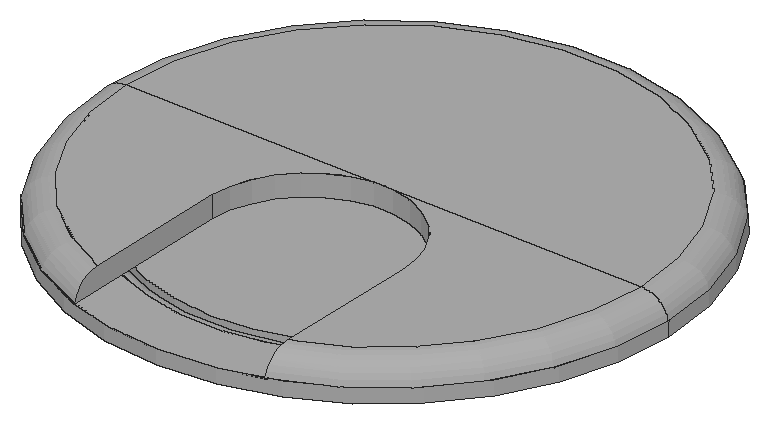
Revit family "Haworth_Masters_Accessories_Grommet", category Furniture Systems, Revit 2018
Family settings
  Round Connector Dimension = Use Diameter
  Part Type = Normal
  OmniClass Number = 23.40.70.14.64
  OmniClass Title = Retail and Commercial Furnishings
  Work Plane-Based = No
  Always vertical = Yes
  Cut with Voids When Loaded = No
  Shared = No
  Room Calculation Point = No
Parameters (values of type "UXAG")
  Warranty = "https://www.haworth.com/resources/product-info/warranties"
  URL - Product = "https://www.haworth.com/products/desks/freestanding/masters-series"
  URL = "www.haworth.com"
  Trim Finish [instance] = Haworth _ Metal _ Chrome
  Radius = 1"  # constant formula
  OmniClass Number = ""
  Model = "UXAG"  # constant formula
  Material Options = ""
  Sustainability Info = "https://www.haworth.com/company-info/sustainability"
  Size = "Verify Final Dim. w/ Haworth"  # constant formula
  Revision Number = "1"  # constant formula
  Manufacturer = "Haworth"  # constant formula
  Description = "Haworth - Masters - Accessory - Grommet"  # constant formula
  Author = "Haworth (Alias)"  # constant formula
  Assembly Code = ""
  Actual Mounting Height [instance] = 29 1/2"
  Actual Height = 5/8"  # constant formula
Reference planes (in)
  plane 1 "Center F/B": y = 5.5
  plane 2: z = 0
  plane 3 "Center L/R": x = 0
  plane 4: z = 29.5
  plane 5: z = 29.55
  plane 6: z = 29.625
  plane 7 "Right": x = 1
  plane 8 "Left": x = -1
  plane 9 "Back": y = 6.5
  plane 10 "Front": y = 4.5
Forms (in)
  Revolve 1, solid, material "Haworth _ Metal _ Chrome" <- "Trim Finish"
    sketch origin (0, 5.5, 0) x (1, 0, 0) y (0, 0, 1)
      loop
        line (-1.00051, 29.5) -> (-0.75957, 29.5)
        arc (-0.75957, 29.5) -> (-0.77422, 29.53535) -> (-0.80957, 29.55) r 0.05
        line (-0.80957, 29.55) -> (-1.00051, 29.55) -> (-1.00051, 29.5)
      axis (0, 29.55) -> (0, 29.5)
    angle from 0 to 360
  Revolve 2, solid, material "Haworth _ Metal _ Chrome" <- "Trim Finish"
    sketch origin (0, 5.5, 0) x (1, 0, 0) y (0, 0, 1)
      loop
        line (-0.99848, 29.55) -> (0, 29.55) -> (0, 29.625) -> (-0.90463, 29.625)
        arc (-0.90463, 29.625) -> (-0.9647, 29.60395) -> (-0.99848, 29.55) r 0.09621
      axis (0, 29.625) -> (0, 29.55)
    angle from 0 to 360
  Sweep 3, void
    path origin (0, 5.5, 0) x (1, 0, 0) y (0, 0, 1)
      loop
        line (0, 29.55) -> (0, 29.625)
    profile origin (0, 5.5, 29.5875) x (-1, 0, 0) y (0, -1, 0)
      loop
        arc (0.33551, 0.94042) -> (0.00054, 1.00002) -> (-0.33449, 0.94079) r 0.97415
        line (-0.33449, 0.94079) -> (-0.33449, 0.33639)
        arc (-0.33449, 0.33639) -> (0.00051, 0.00139) -> (0.33551, 0.33639) r 0.335
        line (0.33551, 0.33639) -> (0.33551, 0.94042)
  Sweep 4, solid, material "Haworth _ Metal _ Chrome" <- "Trim Finish"
    path origin (0, 5.5, 0) x (1, 0, 0) y (0, 0, 1)
      loop
        line (0, 29.5) -> (0, 29.55)
    profile origin (0, 5.5, 29.525) x (-1, 0, 0) y (0, -1, 0)
      loop
        arc (-0.38329, -0.65577) -> (0, -0.75957) -> (0.38329, -0.65577) r 0.75957
        line (0.38329, -0.65577) -> (0.38329, 0.65577)
        arc (0.38329, 0.65577) -> (0, 0.75957) -> (-0.38329, 0.65577) r 0.75957
        line (-0.38329, 0.65577) -> (-0.38329, -0.65577)
Cuts and joins
  Sweep 3 cuts Revolve 1
  Sweep 3 cuts Revolve 2
Lines and regions (in)
  Masking region 1
    outline origin (0, 0, 0) x (1, 0, 0) y (0, 1, 0)
      loop
        circle (0, 5.5) r 1
Dimensions and locks (in)
  locked: plane 5 to plane 4 at 0.05
  locked: plane 6 to plane 5 at 0.075
  "Actual Mounting Height": plane 4 to plane 2
  equal spacing: plane 8 "Left", plane 3 "Center L/R", plane 7 "Right"
  locked: plane 8 "Left" to plane 7 "Right" at 2
  equal spacing: plane 9 "Back", plane 1 "Center F/B", plane 10 "Front"
  locked: plane 9 "Back" to plane 10 "Front" at 2
  "Radius": radius of Masking region 1 sketch curve
  aligned and locked: plane 1 "Center F/B" to Masking region 1 sketch curve
  aligned and locked: plane 3 "Center L/R" to Masking region 1 sketch curve
  aligned and locked: plane 3 "Center L/R" to Sweep 3 sketch curve
  aligned and locked: Revolve 1 sketch curve to plane 4
  aligned and locked: Revolve 1 sketch curve to plane 5
  aligned and locked: Revolve 2 sketch curve to plane 5
  aligned and locked: plane 6 to Revolve 2 sketch curve
  aligned and locked: Revolve 2 sketch curve to plane 3 "Center L/R"
  aligned and locked: plane 3 "Center L/R" to Revolve 2 sketch curve
  aligned and locked: plane 3 "Center L/R" to Sweep 4 sketch curve
  aligned and locked: plane 4 to Sweep 4 sketch curve
  aligned and locked: plane 5 to Sweep 4 sketch curve
  aligned and locked: plane 6 to Sweep 3 sketch curve
  aligned and locked: plane 5 to Sweep 3 sketch curve
Automatic sketch dimensions
  Revolve 1 sketch curve to plane 3 "Center L/R" = 0"
  Revolve 1 sketch curve to plane 3 "Center L/R" = 0.75957"
  Revolve 1 sketch curve to Revolve 1 sketch curve = 0.19094"
  Revolve 1 sketch curve to level = 11 7/16"
  Revolve 1 sketch curve to Revolve 1 sketch curve = 1.075"
  Revolve 2 sketch curve to Revolve 2 sketch curve = 0.90463"
  Revolve 2 sketch curve to Revolve 2 sketch curve = 0.02121"
  Revolve 2 sketch curve to Revolve 2 sketch curve = 3/4"
  Sweep 3 sketch curve to profile plane = 0"
  profile plane to Sweep 3 sketch curve = 0.33449"
  Sweep 3 sketch curve to profile plane = 0.00051"
  plane 1 "Center F/B" to Sweep 3 sketch curve = 0.02587"
  plane 1 "Center F/B" to Sweep 3 sketch curve = 0.33639"
  Sweep 3 sketch curve to Sweep 3 sketch curve = 0.60403"
  Revolve 2 sketch curve to plane 4 = 0.98234"
  Sweep 4 sketch curve to Sweep 4 sketch curve = 0"  (x2)
  plane 1 "Center F/B" to Sweep 4 sketch curve = 0"
  Sweep 4 sketch curve to profile plane = 0"
  Sweep 4 sketch curve to plane 1 "Center F/B" = 0.65577"
  profile plane to Sweep 4 sketch curve = 0.38329"
  Sweep 4 sketch curve to profile plane = 0.38329"
  plane 1 "Center F/B" to Sweep 4 sketch curve = 0.65577"
